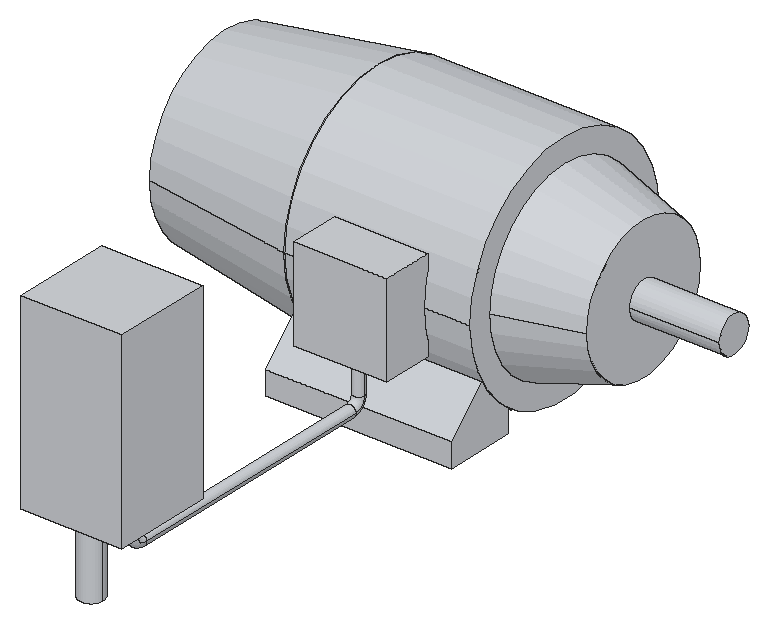
Revit family "M_Motor com chave de desligamento", category Iluminação elétrica, Revit 2019
Family settings
  Manter orientação da anotação = Sim
  Cota do conector redondo = Usar raio
  Tipo de parte = Normal
  Número OmniClass = 23.80.10.21.14
  Título OmniClass = Alternating Current (AC) Motors
  ID de item do Seek = Motor with Disconnect-0000-CAN-ENU
  Com base no plano de trabalho = Não
  Sempre na vertical = Sim
  Corte com vazios quando carregada = Não
  Compartilhado = Não
  Ponto de cálculo do ambiente = Não
Parameters (values of type "Monofásica - 120")
  Largura 1 = Largura base * 0.25  # 79.5 mm
  Voltagem = ""
  Raio 2 = Raio do motor * 0.6  # 79.8 mm
  Raio 1 = Raio do motor * 0.8  # 106.4 mm
  Número de pólos = 3
  Raio nominal [instance] = 13.5 mm
  Diâmetro nominal [instance] = Raio nominal * 2  # 27 mm
  Motor Voltage = 460 V
  Raio do motor = 133 mm
  Motor Material = none
  Comprimento do motor = 574 mm
  Classificação de carga = Motor
  Comprimento 2 = Comprimento base * 0.25  # 52.5 mm
  Cercar [instance] = "Open Dripproof"
  Comprimento do eixo = 102 mm
  Comprimento 1 = 89 mm
  Comprimento base = 210 mm
  Altura 1 = Raio do motor * 0.2  # 26.6 mm
  Largura base = 318 mm
  Raio do eixo = Diâmetro do eixo * 0.5  # 20.5 mm
  Diâmetro do eixo = 41 mm
  Carga aparente = 8510 VA
Types (5, lengths in mm): name | Largura 1 | Raio 2 | Raio 1 | Número de pólos | Motor Voltage | Raio do motor | Comprimento do motor | Comprimento 2 | Comprimento do eixo | Comprimento 1 | Comprimento base | Altura 1 | Largura base | Raio do eixo | Diâmetro do eixo | Carga aparente
  (no name) | 44.5 | 45.6 | 60.8 | 1 | 115 V | 76 | 246 | 17.5 | 38 | 64 | 70 | 15.2 | 178 | 6.5 | 13 | 1012 VA
  Monofásica - 120 | 44.5 | 45.6 | 60.8 | 1 | 115 V | 76 | 246 | 17.5 | 38 | 64 | 70 | 15.2 | 178 | 6.5 | 13 | 1012 VA
  Monofásica - 240 | 44.5 | 53.4 | 71.2 | 2 | 230 V | 89 | 234 | 19 | 48 | 70 | 76 | 17.8 | 178 | 8 | 16 | 1058 VA
  Trifásico - 208 | 57.25 | 68.4 | 91.2 | 3 | 200 V | 114 | 381 | 35 | 70 | 70 | 140 | 22.8 | 229 | 14.5 | 29 | 2960 VA
  Trifásico - 480 | 79.5 | 79.8 | 106.4 | 3 | 460 V | 133 | 574 | 52.5 | 102 | 89 | 210 | 26.6 | 318 | 20.5 | 41 | 8510 VA
Reference planes
  plane 1 "Centro (Frente/Trás)": y = 0
  plane 2: z = 0
  plane 3 "Centro (Esquerda/Direita)": x = 0
  plane 4: x = -278
  plane 5: x = 194
  plane 6: x = 296
  plane 7: z = 133
  plane 8: z = 185.5
  plane 9: z = 80.5
  plane 10: x = -52.5
  plane 11: x = 52.5
  plane 12: y = -185.5
  plane 13: y = -133
  plane 14: y = -127.92
  plane 15: y = 159
  plane 16: y = -159
  plane 17: z = 26.6
  plane 18: y = 79.5
  plane 19: y = -79.5
  plane 20: through (0, 129.63, 55.97) normal (0, 0.7071, 0.7071)
  plane 21: through (0, -129.63, 55.97) normal (0, 0.7071, -0.7071)
  plane 22: y = 106.4
  plane 23: y = -106.4
  plane 24: x = -105
  plane 25: x = 105
  plane 26: y = -508
  plane 27: z = 296.4
  plane 28: y = -565.15
  plane 29: y = -450.85
  plane 30: x = -57.15
  plane 31: x = 57.15
  plane 32: y = -479.425
  plane 33: y = -536.575
  plane 34: z = 39.3
  plane 35: y = -466.821
  plane 36: y = -171.7
  plane 37: x = -6.35
  plane 38: x = 6.35
Forms (mm)
  Extrusion 1, solid, material <- "Motor Material"
    sketch origin (0, 0, 0) x (0, 1, 0) y (0, 0, 1)
      loop
        circle (0, 133) r 133
    from -105 to 105
  Blend 2, solid, material <- "Motor Material"
    base sketch origin (0, 0, 0) x (0, 1, 0) y (0, 0, 1)
      loop
        circle (0, 133) r 106.4
    top sketch origin (0, 0, 0) x (0, 1, 0) y (0, 0, 1)
      loop
        circle (0, 133) r 79.8
    from 105 to 194
  Blend 3, solid, material <- "Motor Material"
    base sketch origin (0, 0, 0) x (0, 1, 0) y (0, 0, 1)
      loop
        circle (0, 133) r 106.4
    top sketch origin (0, 0, 0) x (0, 1, 0) y (0, 0, 1)
      loop
        circle (0, 133) r 133
    from -278 to -105
  Extrusion 4, solid, material <- "Motor Material"
    sketch origin (0, 0, 0) x (0, 1, 0) y (0, 0, 1)
      loop
        circle (0, 133) r 20.5
    from 194 to 296
  Extrusion 5, solid, material <- "Motor Material"
    sketch origin (0, 0, 0) x (1, 0, 0) y (0, 0, 1)
      loop
        line (-52.5, 185.5) -> (-52.5, 80.5) -> (52.5, 80.5) -> (52.5, 185.5) -> (-52.5, 185.5)
    from 127.92 to 185.5
  Extrusion 6, solid, material <- "Motor Material"
    sketch origin (0, 0, 0) x (0, 1, 0) y (0, 0, 1)
      loop
        line (79.5, 0) -> (159, 0) -> (159, 26.6) -> (116.593, 69.007)
        arc (116.593, 69.007) -> (100.337, 45.699) -> (79.5, 26.376) r 133
        line (79.5, 26.376) -> (79.5, 0)
      loop
        line (-159, 0) -> (-79.5, 0) -> (-79.5, 26.376)
        arc (-79.5, 26.376) -> (-100.337, 45.699) -> (-116.593, 69.007) r 133
        line (-116.593, 69.007) -> (-159, 26.6) -> (-159, 0)
    from -105 to 105
  Sweep 7, solid, material <- "Motor Material"
    path origin (0, 0, 0) x (0, 1, 0) y (0, 0, 1)
      loop
        line (-536.575, 80.5) -> (-536.575, 0)
    profile origin (0, -536.575, 40.25) x (1, 0, 0) y (0, 1, 0)
      loop
        circle (0, 0) r 13.5
  Sweep 8, solid, material <- "Motor Material"
    path origin (0, 0, 0) x (0, 1, 0) y (0, 0, 1)
      loop
        line (-479.425, 80.5) -> (-479.425, 37.745)
        arc (-479.425, 37.745) -> (-475.233, 29.786) -> (-466.821, 26.6) r 12.7
        line (-466.821, 26.6) -> (-171.7, 26.6)
        arc (-171.7, 26.6) -> (-162.72, 30.32) -> (-159, 39.3) r 12.7
        line (-159, 39.3) -> (-159, 80.5)
    profile origin (0, -479.425, 59.123) x (1, 0, 0) y (0, 1, 0)
      loop
        circle (0, 0) r 6.35
  Extrusion 9, solid
    sketch origin (0, 0, 0) x (0, 1, 0) y (0, 0, 1)
      loop
        line (-565.15, 296.4) -> (-565.15, 80.5) -> (-450.85, 80.5) -> (-450.85, 296.4) -> (-565.15, 296.4)
    from -57.15 to 57.15
Lines and regions (mm)
  symbolic lines, detail levels fine
    curve 1: line (-278, 106.4, 0) -> (-278, -106.4, 0)
    curve 2: line (-105, -133, 0) -> (-105, 133, 0)
    curve 3: line (-278, 106.4, 0) -> (-105, 133, 0)
    curve 4: line (-278, -106.4, 0) -> (-105, -133, 0)
    curve 5: line (105, -133, 0) -> (105, 133, 0)
    curve 6: line (-105, 133, 0) -> (105, 133, 0)
    curve 7: line (-105, -133, 0) -> (105, -133, 0)
    curve 8: line (194, -79.8, 0) -> (194, 79.8, 0)
    curve 9: line (194, 79.8, 0) -> (105, 106.4, 0)
    curve 10: line (194, -79.8, 0) -> (105, -106.4, 0)
    curve 11: line (296, -20.5, 0) -> (296, 20.5, 0)
    curve 12: line (296, 20.5, 0) -> (194, 20.5, 0)
    curve 13: line (296, -20.5, 0) -> (194, -20.5, 0)
    curve 14: line (-52.5, -185.5, 0) -> (52.5, -185.5, 0)
    curve 15: line (-52.5, -185.5, 0) -> (-52.5, -133, 0)
    curve 16: line (52.5, -185.5, 0) -> (52.5, -133, 0)
    curve 17: line (57.15, -450.85, 0) -> (-57.15, -450.85, 0)
    curve 18: line (57.15, -565.15, 0) -> (57.15, -450.85, 0)
    curve 19: line (-57.15, -450.85, 0) -> (-57.15, -565.15, 0)
    curve 20: line (-57.15, -565.15, 0) -> (57.15, -565.15, 0)
    curve 21: line (-6.35, -450.85, 0) -> (-6.35, -185.5, 0)
    curve 22: line (6.35, -450.85, 0) -> (6.35, -185.5, 0)
Dimensions and locks
  "Comprimento do eixo": plane 5 to plane 6
  "Comprimento do motor": plane 4 to plane 6
  "Raio do motor": plane 7 to plane 2
  "Comprimento 2": plane 8 to plane 7
  "Comprimento 2": plane 7 to plane 9
  "Comprimento 2": plane 3 "Centro (Esquerda/Direita)" to plane 10
  "Comprimento 2": plane 11 to plane 3 "Centro (Esquerda/Direita)"
  "Raio do motor": plane 1 "Centro (Frente/Trás)" to plane 13
  locked: plane 14 to plane 13 at 5.08
  "Comprimento 2": plane 13 to plane 12
  equal spacing: plane 15, plane 1 "Centro (Frente/Trás)", plane 16
  "Largura base": plane 15 to plane 16
  "Altura 1": plane 17 to level
  "Largura 1": plane 15 to plane 18
  "Largura 1": plane 19 to plane 16
  "Raio 1": plane 22 to plane 1 "Centro (Frente/Trás)"
  "Raio 1": plane 23 to plane 1 "Centro (Frente/Trás)"
  equal spacing: plane 24, plane 3 "Centro (Esquerda/Direita)", plane 25
  "Comprimento base": plane 24 to plane 25
  locked: plane 26 to plane 1 "Centro (Frente/Trás)" at 508
  locked: plane 27 to plane 9 at 215.9
  locked: plane 28 to plane 26 at 57.15
  locked: plane 26 to plane 29 at 57.15
  locked: plane 30 to plane 3 "Centro (Esquerda/Direita)" at 57.15
  locked: plane 3 "Centro (Esquerda/Direita)" to plane 31 at 57.15
  equal spacing: plane 26, plane 32, plane 29
  equal spacing: plane 28, plane 33, plane 26
  locked: plane 34 to plane 17 at 12.7
  locked: plane 32 to plane 35 at 12.604
  locked: plane 36 to plane 16 at 12.7
  "Comprimento 1": plane 25 to plane 5
  "Raio 1": plane 1 "Centro (Frente/Trás)" to curve 1
  "Raio 1": curve 1 to plane 1 "Centro (Frente/Trás)"
  "Raio do motor": plane 1 "Centro (Frente/Trás)" to curve 2
  "Raio do motor": curve 2 to plane 1 "Centro (Frente/Trás)"
  "Raio do motor": plane 1 "Centro (Frente/Trás)" to curve 5
  "Raio do motor": curve 5 to plane 1 "Centro (Frente/Trás)"
  "Raio 2": plane 1 "Centro (Frente/Trás)" to curve 8
  "Raio 2": curve 8 to plane 1 "Centro (Frente/Trás)"
  "Raio do eixo": plane 1 "Centro (Frente/Trás)" to curve 11
  "Raio do eixo": curve 11 to plane 1 "Centro (Frente/Trás)"
  locked: plane 37 to plane 3 "Centro (Esquerda/Direita)" at 6.35
  locked: plane 3 "Centro (Esquerda/Direita)" to plane 38 at 6.35
  "Raio do motor": radius of Extrusion 1 sketch curve
  "Raio 1": radius of Blend 2 sketch curve
  "Raio 2": radius of Blend 2 sketch curve
  "Raio 1": radius of Blend 3 sketch curve
  "Raio do motor": radius of Blend 3 sketch curve
  "Raio do eixo": radius of Extrusion 4 sketch curve
  "Raio nominal": radius of Sweep 7 sketch curve
  locked: plane 20 to plane 17 (angle 135.00°)
  locked: plane 21 to plane 17 (angle 45.00°)
  aligned and locked: plane 7 to Extrusion 1 sketch curve
  aligned and locked: plane 1 "Centro (Frente/Trás)" to Extrusion 1 sketch curve
  aligned and locked: plane 7 to Blend 2 sketch curve  (x2)
  aligned and locked: plane 1 "Centro (Frente/Trás)" to Blend 2 sketch curve  (x2)
  aligned and locked: plane 5 to Blend 2
  aligned and locked: plane 7 to Blend 3 sketch curve  (x2)
  aligned and locked: plane 1 "Centro (Frente/Trás)" to Blend 3 sketch curve  (x2)
  aligned and locked: Blend 3 to plane 4
  aligned and locked: plane 7 to Extrusion 4 sketch curve
  aligned and locked: plane 1 "Centro (Frente/Trás)" to Extrusion 4 sketch curve
  aligned and locked: plane 6 to Extrusion 4
  aligned and locked: Extrusion 4 to plane 5
  aligned and locked: plane 10 to Extrusion 5 sketch curve
  aligned and locked: Extrusion 5 sketch curve to plane 8
  aligned and locked: plane 9 to Extrusion 5 sketch curve
  aligned and locked: Extrusion 5 sketch curve to plane 11
  aligned and locked: Extrusion 5 to plane 14
  aligned and locked: plane 12 to Extrusion 5
  aligned and locked: Extrusion 6 sketch curve to level
  aligned and locked: Extrusion 6 sketch curve to plane 18
  aligned and locked: Extrusion 6 sketch curve to plane 15
  aligned and locked: Extrusion 6 sketch curve to plane 20
  aligned and locked: Extrusion 6 sketch curve to Extrusion 1  (x2)
  aligned and locked: plane 16 to Extrusion 6 sketch curve
  aligned and locked: Extrusion 6 sketch curve to plane 19
  aligned and locked: Extrusion 6 sketch curve to plane 21
  aligned and locked: Extrusion 6 to plane 2
  aligned and locked: plane 24 to Blend 3
  aligned and locked: Extrusion 1 to plane 24
  aligned and locked: Extrusion 6 to plane 24
  aligned and locked: plane 24 to Extrusion 6
  aligned and locked: plane 25 to Extrusion 1
  aligned and locked: Blend 2 to plane 25
  aligned and locked: plane 25 to Extrusion 6
  aligned and locked: Extrusion 6 to plane 25
  aligned and locked: Sweep 7 sketch curve to plane 33
  aligned and locked: plane 16 to Sweep 8 sketch curve
  aligned and locked: plane 34 to Sweep 8 sketch curve  (x2)
  aligned and locked: plane 36 to Sweep 8 sketch curve
  aligned and locked: plane 35 to Sweep 8 sketch curve
  aligned and locked: plane 1 "Centro (Frente/Trás)" to nested 1
  aligned and locked: plane 3 "Centro (Esquerda/Direita)" to nested 1
  aligned and locked: Blend 3 to curve 1
  aligned and locked: curve 2 to Blend 3
  aligned and locked: curve 5 to Extrusion 1
  aligned and locked: curve 8 to Blend 2
  aligned and locked: plane 23 to curve 10
  aligned and locked: plane 22 to curve 9
  aligned and locked: plane 25 to curve 10
  aligned and locked: curve 11 to Extrusion 4
  aligned and locked: Extrusion 4 to curve 12
  aligned and locked: curve 14 to Extrusion 5
  aligned and locked: plane 12 to curve 14
  aligned and locked: curve 15 to Extrusion 5
  aligned and locked: curve 16 to Extrusion 5
  aligned and locked: plane 37 to curve 21
  aligned and locked: plane 38 to curve 22
  aligned and locked: plane 28 to Extrusion 9 sketch curve
  aligned and locked: Extrusion 9 sketch curve to plane 27
  aligned and locked: plane 9 to Extrusion 9 sketch curve
  aligned and locked: Extrusion 9 sketch curve to plane 29
  aligned and locked: Extrusion 9 to plane 30
  aligned and locked: plane 31 to Extrusion 9
Automatic sketch dimensions
  Extrusion 6 sketch curve to level = 0 mm
  Sweep 7 sketch curve to level = 0 mm
  Sweep 7 sketch curve to plane 9 = 0 mm
  Sweep 7 sketch curve to plane 3 "Centro (Esquerda/Direita)" = 0 mm
  profile plane to Sweep 7 sketch curve = 0 mm
  Sweep 8 sketch curve to plane 32 = 0 mm
  Sweep 8 sketch curve to plane 9 = 0 mm  (x2)
  Sweep 8 sketch curve to plane 3 "Centro (Esquerda/Direita)" = 0 mm
  profile plane to Sweep 8 sketch curve = 0 mm
  curve 17 to plane 29 = 0 mm
  curve 17 to plane 30 = 0 mm
  curve 20 to plane 28 = 0 mm
  curve 20 to plane 31 = 0 mm
  radius of Sweep 8 sketch curve = 6.35 mm
Nested families
  nested 1: "M_Anotação do motor com chave de desligamento" at (0, 0, 0), type "Anotação do motor com chave de desligamento", detail levels coarse+medium
Connectors
  electrical at (-57.15, -508, 188.45), driven by "Motor Voltage", driven by "Número de pólos", driven by "Carga aparente", driven by "Carga aparente", driven by "Classificação de carga"
    settings: on Extrusion 9, index 1, voltage 460 V, apparent load 8510 VA, apparent load phase1 8510 VA, apparent load phase2 0 VA, apparent load phase3 0 VA, power factor 1, load classification "Motor", number of poles 3, system type 30, power factor state 1, is connector primary yes, connector utility no, sub classification motor no, connector description ""
  cabletrayconduit at (0, -536.575, 0), diameter 27, driven by "Raio nominal"
    settings: on Sweep 7, index 2, connector width 300 mm, connector height 300 mm, connector angle 0.00°, system type 32, placement type 0, profile type 0, connector reference index -1, is primary connector yes, connector utility param no, connector description ""
Definition of nested family "M_Anotação do motor com chave de desligamento"
  Parameters
    Anotação de legenda = ""
  Reference planes
    plane 1: y = 0
    plane 2: x = 0
  Lines and regions (mm)
    detail lines
      curve 1: circle (0, 0, 0) r 3.175 normal (0, 0, 1)
      curve 2: circle (0, 0, 0) r 1.191 normal (0, 0, 1)
      curve 3: line (-0.899, 0.78, 0) -> (1.242, 2.922, 0)
      curve 4: line (0.899, -0.78, 0) -> (-1.242, -2.922, 0)
      curve 9: line (3.572, 1.588, 0) -> (6.747, 1.588, 0)
      curve 10: line (3.572, -1.587, 0) -> (3.572, 1.588, 0)
      curve 11: line (6.747, -1.587, 0) -> (3.572, -1.587, 0)
      curve 12: line (6.747, 1.588, 0) -> (6.747, -1.587, 0)
      curve 15: line (5.159, 3.175, 0) -> (5.159, 1.588, 0)
      curve 17: line (5.159, 3.175, 0) -> (7.541, 3.175, 0)
    reference lines
      curve 5: line (3.572, 2.25, 0) -> (3.572, -3.685, 0)
      curve 6: line (6.747, 2.841, 0) -> (6.747, -4.251, 0)
      curve 7: line (1.168, 1.588, 0) -> (10.447, 1.587, 0)
      curve 8: line (1.467, -1.587, 0) -> (10.447, -1.588, 0)
      curve 13: line (4.909, 3.175, 0) -> (10.447, 3.175, 0)
      curve 14: line (5.159, 4.689, 0) -> (5.159, -4.515, 0)
      curve 16: line (7.541, 4.689, 0) -> (7.541, -5.233, 0)
  Dimensions and locks
    locked: plane 2 to curve 5 at 3.572
    locked: curve 5 to curve 6 at 3.175
    locked: plane 1 to curve 7 at 1.587
    locked: curve 8 to plane 1 at 1.588
    locked: curve 7 to curve 13 at 1.588
    locked: curve 5 to curve 14 at 1.588
    locked: curve 14 to curve 16 at 2.381
    radius of curve 1 = 3.175 mm
    radius of curve 2 = 1.191 mm
    aligned and locked: plane 1 to curve 1
    aligned and locked: plane 2 to curve 1
    aligned and locked: plane 1 to curve 2
    aligned and locked: plane 2 to curve 2
    aligned and locked: curve 7 to curve 9
    aligned and locked: curve 10 to curve 5
    aligned and locked: curve 11 to curve 8
    aligned and locked: curve 6 to curve 12
    aligned and locked: curve 13 to curve 15
    aligned and locked: curve 7 to curve 15
    aligned and locked: curve 14 to curve 15
    aligned and locked: curve 16 to curve 17
    aligned and locked: curve 14 to curve 17
    aligned and locked: curve 13 to curve 17
